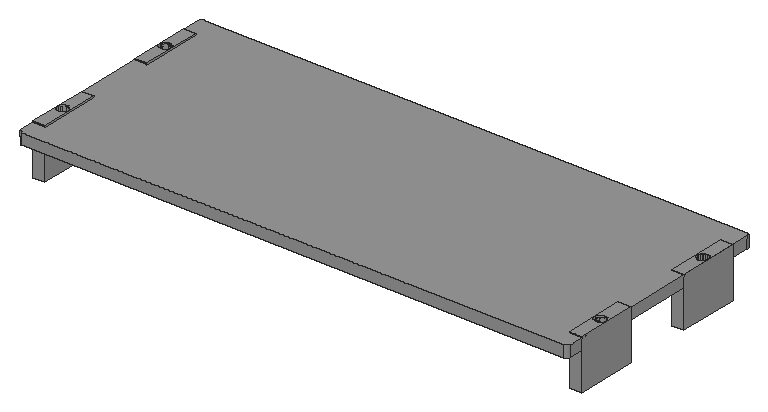
Revit family "Building-SurfaceMountingEnclosures-GEWISS-46-PANELS_BLANK_2M", category Attrezzatura elettrica, Revit 2016
Family settings
  Configurazione quadro = Due colonne, circuiti in orizzontale
  Tipo di parte = Pannello comandi
  Quota connettore circolare = Usa diametro
  Numero OmniClass = 23.60.00.00
  Titolo OmniClass = General Purpose: Services
  Basato su piano di lavoro = Sì
  Sempre verticale = No
  Taglio con vuoti quando caricato = No
  Condiviso = No
  Punto di calcolo locali = Sì
Parameters (values of type "GW46479F - BLANK PANEL H2 800MM F&E")
  Version file RFA = "18.0"
  URL = "https://www.gewiss.com/ww/en"
  Technical sheet = "https://www.gewiss.com/ww/en/search?q=GW46479F"
  Suitable for: = "46QP - 46QM - 46QX"
  SEO = "Panel"
  Realized by GEWISS S.p.A. = ""
  Default Elevation = 1219.2 mm
  Produttore = "GEWISS S.p.A."
  Pannello = GEWISS - GRIGIO RAL 7035
  Offset pannello [instance] = 328.668 mm
  Modello = "GW46479F"
  Lunghezza pannello = 718 mm
  Spessore pannello = 15 mm
  Immagine tipo = GW10018551.jpg
  IFC.TypeObject = ""
  IFC.ExportType = ""
  IFC.ExportAs = ""
  IDT = "60235605-7784-4c3b-8cc8-b9e1742e28c0"
  IDF = "034bbc61-02e1-4a40-983c-a9b16e81c6c5"
  Height = "2 Modules"
  H_pannello = 299 mm  # constant formula
  H_da terra [instance] = 125.723 mm
  GEWISS SCHEDA TECNICA = "http://pro.gewiss.com/irj/portal/?NavigationTarget=pcd:portal_content/com.gewiss.ZPPFDMain/com.gewiss.ZPPFDITMain/com.gewiss.ZPPFDITMainDefault/com.gewiss.ZPPFDITPages/com.gewiss.ZPPFDITPagesAP/com.gewiss.ZPPFDITPagesAPCatalogo/com.gewiss.ZPPPDITAPProductDetail&codProd=GW46479F"
  For standard boards (mm) = "800"
  Electrocod = "0303"
  EAN code = "8011564284272"
  Descrizione = "BLANK PANEL H2 800MM F&E"
  Colour = "Grey RAL 7035"
  Characteristics = "Halogen free"
  Catalogue Range = "46 QP"
  Catalogue = "BUILDING"
  COBie.Tagnumber = ""
  COBie.CreatedOn = ""
  COBie.CreatebBy = ""
  COBie.ComponentRegisterItemID = ""
  COBie.Component.TagNumber = ""
  COBie.Component.Space = ""
  COBie.Component.SerialNumber = ""
  COBie.Component.InstallationDate = ""
  COBie.Component.Description = ""
  COBie.Component.BarCode = ""
  Assembly = "Fast & Easy quick"
  Accessories supplied = "Fixing accessories"
Types (6, lengths in mm): name | URL | Technical sheet | Produttore | Offset pannello | Modello | Lunghezza pannello | IDT | GEWISS SCHEDA TECNICA | For standard boards (mm) | EAN code | Descrizione
  (no name) | "http://www.gewiss.com/prv/it_IT/index.html" | "" | 0 | 328.668 | 0 | 718 | "" | "http://pro.gewiss.com/irj/portal/?NavigationTarget=pcd:portal_content/com.gewiss.ZPPFDMain/com.gewiss.ZPPFDITMain/com.gewiss.ZPPFDITMainDefault/com.gewiss.ZPPFDITPages/com.gewiss.ZPPFDITPagesAP/com.gewiss.ZPPFDITPagesAPCatalogo/com.gewiss.ZPPPDITAPProductDetail&codProd=GW46479F" | "" | "" | 0
  GW46475F - BLANK PANEL H2 310MM F&E | "https://www.gewiss.com/ww/en" | "https://www.gewiss.com/ww/en/search?q=GW46475F" | "GEWISS S.p.A." | 328.668 | "GW46475F" | 265 | "111c7b50-0ba5-495f-a540-9a93015ba396" | "http://pro.gewiss.com/irj/portal/?NavigationTarget=pcd:portal_content/com.gewiss.ZPPFDMain/com.gewiss.ZPPFDITMain/com.gewiss.ZPPFDITMainDefault/com.gewiss.ZPPFDITPages/com.gewiss.ZPPFDITPagesAP/com.gewiss.ZPPFDITPagesAPCatalogo/com.gewiss.ZPPPDITAPProductDetail&codProd=GW46475F" | "310" | "8011564284234" | "BLANK PANEL H2 310MM F&E"
  GW46476F - BLANK PANEL H2 405MM F&E | "https://www.gewiss.com/ww/en" | "https://www.gewiss.com/ww/en/search?q=GW46476F" | "GEWISS S.p.A." | 328.668 | "GW46476F" | 358 | "0cc48223-5ed1-4ac5-af20-bd2f66354467" | "http://pro.gewiss.com/irj/portal/?NavigationTarget=pcd:portal_content/com.gewiss.ZPPFDMain/com.gewiss.ZPPFDITMain/com.gewiss.ZPPFDITMainDefault/com.gewiss.ZPPFDITPages/com.gewiss.ZPPFDITPagesAP/com.gewiss.ZPPFDITPagesAPCatalogo/com.gewiss.ZPPPDITAPProductDetail&codProd=GW46476F" | "405" | "8011564284241" | "BLANK PANEL H2 405MM F&E"
  GW46477F - BLANK PANEL H2 515MM F&E | "https://www.gewiss.com/ww/en" | "https://www.gewiss.com/ww/en/search?q=GW46477F" | "GEWISS S.p.A." | 500 | "GW46477F" | 466 | "a297f2be-aa69-46b4-8f75-143973744bec" | "http://pro.gewiss.com/irj/portal/?NavigationTarget=pcd:portal_content/com.gewiss.ZPPFDMain/com.gewiss.ZPPFDITMain/com.gewiss.ZPPFDITMainDefault/com.gewiss.ZPPFDITPages/com.gewiss.ZPPFDITPagesAP/com.gewiss.ZPPFDITPagesAPCatalogo/com.gewiss.ZPPPDITAPProductDetail&codProd=GW46477F" | "515" | "8011564284258" | "BLANK PANEL H2 515MM F&E"
  GW46478F - BLANK PANEL H2 585MM F&E | "https://www.gewiss.com/ww/en" | "https://www.gewiss.com/ww/en/search?q=GW46478F" | "GEWISS S.p.A." | 328.668 | "GW46478F" | 538 | "a00c0539-b87a-4bc8-bd37-09c165c70047" | "http://pro.gewiss.com/irj/portal/?NavigationTarget=pcd:portal_content/com.gewiss.ZPPFDMain/com.gewiss.ZPPFDITMain/com.gewiss.ZPPFDITMainDefault/com.gewiss.ZPPFDITPages/com.gewiss.ZPPFDITPagesAP/com.gewiss.ZPPFDITPagesAPCatalogo/com.gewiss.ZPPPDITAPProductDetail&codProd=GW46478F" | "585" | "8011564284265" | "BLANK PANEL H2 585MM F&E"
  GW46479F - BLANK PANEL H2 800MM F&E | "https://www.gewiss.com/ww/en" | "https://www.gewiss.com/ww/en/search?q=GW46479F" | "GEWISS S.p.A." | 328.668 | "GW46479F" | 718 | "60235605-7784-4c3b-8cc8-b9e1742e28c0" | "http://pro.gewiss.com/irj/portal/?NavigationTarget=pcd:portal_content/com.gewiss.ZPPFDMain/com.gewiss.ZPPFDITMain/com.gewiss.ZPPFDITMainDefault/com.gewiss.ZPPFDITPages/com.gewiss.ZPPFDITPagesAP/com.gewiss.ZPPFDITPagesAPCatalogo/com.gewiss.ZPPPDITAPProductDetail&codProd=GW46479F" | "800" | "8011564284272" | "BLANK PANEL H2 800MM F&E"
Values of the unnamed type that differ from the named types
  Version file RFA = ""
  Suitable for: = ""
  SEO = ""
  IDF = ""
  Height = ""
  Electrocod = ""
  Colour = ""
  Characteristics = ""
  Catalogue Range = ""
  Catalogue = ""
  Assembly = ""
  Accessories supplied = ""
Reference planes
  plane 1 "Centro (Fronte/Retro)": z = 320.168
  plane 2: z = 0
  plane 3 "Centro (Sinistra/Destra)": x = 0
  plane 4: x = -359
  plane 5: x = 359
  plane 6: y = 219.556
  plane 7: y = -79.444
  plane 8: y = -15.944
  plane 9: y = -55.444
  plane 10: z = 262.668
  plane 11: z = 328.668
  plane 12: y = 23.556
  plane 13: y = 190.556
  plane 14: y = 151.056
  plane 15: y = 111.556
  plane 16: y = 70.056
  plane 17: z = 312.668
  plane 18: z = 327.668
Forms (mm)
  Extrusion 1, solid, material "GEWISS - GRIGIO RAL 7035" <- "Pannello"
    sketch origin (0, 0, 320.168) x (1, 0, 0) y (0, 1, 0)
      loop
        arc (-354, 219.556) -> (-357.536, 218.091) -> (-359, 214.556) r 5
        line (-359, 214.556) -> (-359, -74.444)
        arc (-359, -74.444) -> (-357.536, -77.98) -> (-354, -79.444) r 5
        line (-354, -79.444) -> (354, -79.444)
        arc (354, -79.444) -> (357.536, -77.98) -> (359, -74.444) r 5
        line (359, -74.444) -> (359, 214.556)
        arc (359, 214.556) -> (357.536, 218.091) -> (354, 219.556) r 5
        line (354, 219.556) -> (-354, 219.556)
    from -7.5 to 7.5
  Extrusion 2, solid, material "GEWISS - GRIGIO RAL 7035" <- "Pannello"
    sketch origin (0, 140.111, 320.168) x (-1, 0, 0) y (0, -1, 0)
      loop
        line (-359, 116.556) -> (-343.121, 116.556) -> (-343.121, 195.556) -> (-359, 195.556) -> (-359, 116.556)
    from -57.5 to 8.5
  Extrusion 3, void
    sketch origin (0, 140.111, 320.168) x (1, 0, 0) y (0, 1, 0)
      loop
        circle (351.421, -156.056) r 7.361
    from -57.5 to 8.5
  Extrusion 4, solid, material "GEWISS - GRIGIO RAL 7035" <- "Pannello"
    sketch origin (0, -5, 320.168) x (1, 0, 0) y (0, 1, 0)
      loop
        line (-359, 28.556) -> (-359, -50.444) -> (-343.121, -50.444) -> (-343.121, 28.556) -> (-359, 28.556)
    from -57.5 to 8.5
  Extrusion 5, void
    sketch origin (0, -5, 320.168) x (-1, 0, 0) y (0, -1, 0)
      loop
        circle (351.421, 10.944) r 7.361
    from -57.5 to 8.5
  Extrusion 6, solid, material "GEWISS - GRIGIO RAL 7035" <- "Pannello"
    sketch origin (0, 5, 320.168) x (-1, 0, 0) y (0, -1, 0)
      loop
        line (-359, -106.556) -> (-359, -185.556) -> (-343.121, -185.556) -> (-343.121, -106.556) -> (-359, -106.556)
    from 7.5 to -57.5
  Extrusion 7, void
    sketch origin (0, 5, 320.168) x (1, 0, 0) y (0, 1, 0)
      loop
        circle (351.421, 146.056) r 7.361
    from -57.5 to 7.5
  Extrusion 8, solid, material "GEWISS - GRIGIO RAL 7035" <- "Pannello"
    sketch origin (0, -5, 320.168) x (1, 0, 0) y (0, 1, 0)
      loop
        line (-359, 116.556) -> (-343.121, 116.556) -> (-343.121, 195.556) -> (-359, 195.556) -> (-359, 116.556)
    from 8.5 to -57.5
  Extrusion 9, void
    sketch origin (0, -5, 320.168) x (-1, 0, 0) y (0, -1, 0)
      loop
        circle (351.421, -156.056) r 7.361
    from -57.5 to 19.867
Cuts and joins
  Extrusion 3, Extrusion 5, Extrusion 7, Extrusion 9 cuts Extrusion 1
  Extrusion 3, Extrusion 5, Extrusion 7 cuts Extrusion 2
  Extrusion 5, Extrusion 9 cuts Extrusion 4
  Extrusion 7 cuts Extrusion 6
  Extrusion 9 cuts Extrusion 8
Dimensions and locks
  equal spacing: plane 4, plane 3 "Centro (Sinistra/Destra)", plane 5
  "Lunghezza pannello": plane 4 to plane 5
  locked: plane 12 to plane 9 at 79
  locked: plane 13 to plane 15 at 79
  "Offset pannello": plane 11 to level
  plane 11 to plane 18 to plane 17 to plane 10 = 1 mm locked, 15 mm locked, 50 mm locked
  plane 11 to plane 10 = 66 mm
  aligned and locked: level to plane 2
  aligned and locked: plane 4 to Extrusion 1 sketch curve
  aligned and locked: Extrusion 1 sketch curve to plane 5
  aligned and locked: Extrusion 1 sketch curve to plane 6
  aligned and locked: plane 7 to Extrusion 1 sketch curve
  aligned and locked: plane 5 to Extrusion 2
  aligned and locked: Extrusion 2 to plane 11
  aligned and locked: Extrusion 3 to plane 10
  aligned and locked: cut or joined group of Extrusion 2, Extrusion 3, Extrusion 5, Extrusion 7 to plane 12  (x2)
  aligned and locked: plane 9 to cut or joined group of Extrusion 2, Extrusion 3, Extrusion 5, Extrusion 7  (x2)
  aligned and locked: Extrusion 3 to plane 11
  aligned and locked: plane 13 to cut or joined group of Extrusion 8, Extrusion 9
  aligned and locked: cut or joined group of Extrusion 8, Extrusion 9 to plane 15
  aligned and locked: cut or joined group of Extrusion 4, Extrusion 5, Extrusion 9 to plane 12
  aligned and locked: cut or joined group of Extrusion 4, Extrusion 5, Extrusion 9 to plane 9
  aligned and locked: cut or joined group of Extrusion 8, Extrusion 9 to plane 4
  aligned and locked: cut or joined group of Extrusion 4, Extrusion 5, Extrusion 9 to plane 4
  aligned and locked: plane 5 to cut or joined group of Extrusion 6, Extrusion 7
  aligned and locked: plane 11 to cut or joined group of Extrusion 4, Extrusion 5, Extrusion 9
  aligned and locked: plane 10 to cut or joined group of Extrusion 4, Extrusion 5, Extrusion 9
  aligned and locked: plane 10 to cut or joined group of Extrusion 2, Extrusion 3, Extrusion 5, Extrusion 7
  aligned and locked: cut or joined group of Extrusion 1, Extrusion 3, Extrusion 5, Extrusion 7, Extrusion 9 to plane 17
  aligned and locked: cut or joined group of Extrusion 1, Extrusion 3, Extrusion 5, Extrusion 7, Extrusion 9 to plane 18
  aligned and locked: cut or joined group of Extrusion 4, Extrusion 5, Extrusion 9 to plane 11  (x3)
  aligned and locked: plane 18 to cut or joined group of Extrusion 1, Extrusion 3, Extrusion 5, Extrusion 7, Extrusion 9  (x4)
  aligned and locked: plane 11 to cut or joined group of Extrusion 2, Extrusion 3, Extrusion 5, Extrusion 7
  aligned and locked: plane 11 to Extrusion 8
  aligned and locked: plane 10 to Extrusion 6
  aligned and locked: Extrusion 6 to cut or joined group of Extrusion 1, Extrusion 3, Extrusion 5, Extrusion 7, Extrusion 9
  aligned and locked: plane 10 to Extrusion 7
  aligned and locked: plane 11 to Extrusion 5
  aligned and locked: Extrusion 1 to Extrusion 7
  aligned and locked: plane 10 to Extrusion 8
  aligned and locked: plane 10 to Extrusion 5
  aligned and locked: cut or joined group of Extrusion 2, Extrusion 3, Extrusion 5, Extrusion 7 to Extrusion 9
Automatic sketch dimensions
  plane 4 to Extrusion 1 sketch curve = 5 mm
  Extrusion 1 sketch curve to Extrusion 1 sketch curve = 5 mm
  Extrusion 1 sketch curve to plane 5 = 5 mm  (x2)
  Extrusion 2 sketch curve to Extrusion 2 sketch curve = 15.879 mm
  Extrusion 2 sketch curve to Extrusion 2 sketch curve = 79 mm
  Extrusion 4 sketch curve to Extrusion 4 sketch curve = 15.879 mm
  Extrusion 4 sketch curve to Extrusion 4 sketch curve = 79 mm
  Extrusion 6 sketch curve to Extrusion 6 sketch curve = 15.879 mm
  Extrusion 6 sketch curve to Extrusion 6 sketch curve = 79 mm
  Extrusion 8 sketch curve to Extrusion 8 sketch curve = 15.879 mm
  Extrusion 8 sketch curve to Extrusion 8 sketch curve = 79 mm
  Extrusion 2 sketch curve to plane 5 = 0 mm
  plane 12 to Extrusion 2 sketch curve = 0 mm
  Extrusion 3 sketch curve to plane 8 = 0 mm
  Extrusion 3 sketch curve to plane 5 = 7.579 mm
  Extrusion 4 sketch curve to plane 4 = 0 mm
  plane 12 to Extrusion 4 sketch curve = 0 mm
  Extrusion 5 sketch curve to plane 8 = 0 mm
  plane 4 to Extrusion 5 sketch curve = 7.579 mm
  Extrusion 6 sketch curve to plane 5 = 0 mm
  plane 13 to Extrusion 6 sketch curve = 0 mm
  plane 14 to Extrusion 7 sketch curve = 0 mm
  Extrusion 7 sketch curve to plane 5 = 7.579 mm
  Extrusion 8 sketch curve to plane 4 = 0 mm
  Extrusion 8 sketch curve to plane 13 = 0 mm
  Extrusion 9 sketch curve to plane 14 = 0 mm
  plane 4 to Extrusion 9 sketch curve = 7.579 mm
  radius of Extrusion 3 sketch curve = 7.361 mm
  radius of Extrusion 5 sketch curve = 7.361 mm
  radius of Extrusion 7 sketch curve = 7.361 mm
  radius of Extrusion 9 sketch curve = 7.361 mm
